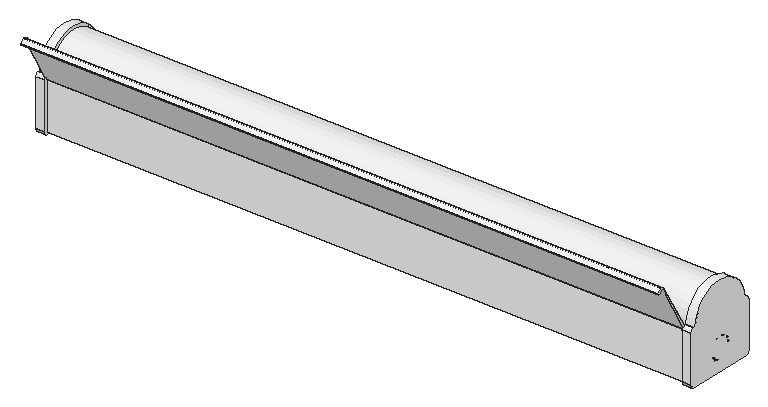
Revit family "0045182+0045232 Feilo Sylvania Lighting Fixture SYLBATTEN LED1 6000K TP3 with ASYMMETRIC REFLECTOR ACCESSORY 600MM", category Lighting Fixtures, host Face, Revit 2017
Family settings
  Host = Face
  Round Connector Dimension = Use Diameter
  Part Type = Normal
  OmniClass Number = 23.80.70.00
  OmniClass Title = Lighting
  Cut with Voids When Loaded = No
  Light Source = Yes
  Shared = No
  Room Calculation Point = No
Parameters (values of type "0045182 SYLBATTEN LED1 6000K TP3")
  Width_FEILO = 66 mm
  Weight = "1.292 kg"
  Wattage Comments = "n/a"
  Wattage = 11 W
  WarrantyStartDate [instance] = "n/a"
  WarrantyGuarantorParts = "n/a"
  WarrantyDurationUnit = "n/a"
  WarrantyDurationParts = "n/a"
  WarrantyDescription = "n/a"
  built-in parameter 1150110 = 1 (stored number, unit not read)
  Voltage = 230 V
  URL = "http://www.sylvania-lighting.com"
  TypeName = "SYLBATTEN LED1 6000K TP3"
  Type Image = <None>
  Type Comments = "n/a"
  built-in parameter 1114217 = 1 (stored number, unit not read)
  Tilt Angle = -90.00°
  built-in parameter 1150109 = 1 (stored number, unit not read)
  built-in parameter 1150134 = 5
  SymReflector_FEILO = no
  built-in parameter 1150113 = 1 (stored number, unit not read)
  SerialNumber [instance] = "n/a"
  PowerFactor = 0
  PowerConsumption = "11 W"
  Photometric Web File = "0045182+0045232.ies"
  NominalLength = 605 mm
  NominalHeight = 91 mm
  NominalDepth = 122 mm
  Name = "SYLBATTEN LED1 6000K TP3"
  ModelReference = Name  # "SYLBATTEN LED1 6000K TP3"
  ModelNumber = "0045182"
  Model = Name  # "SYLBATTEN LED1 6000K TP3"
  Material_4_FEILO = Reflector-Sylvania-Sylbatten-White
  Material_3_FEILO = Diffuser-Sylvania-Sylbatten-Glow
  Material_2_FEILO = Body-Sylvania-Sylbatten-White
  Material_1_FEILO = Body-Sylvania-Sylbatten-White
  Material = "sheet steel housing, polycarbonate diffuser"
  ManufacturerName = "Feilo Sylvania"
  Manufacturer = "Feilo Sylvania"
  LuminousEfficacy = "110 lm/W"
  built-in parameter 1150105 = 96.289 (stored number, unit not read)
  Lumens = 1210 lm
  LuminaireType = ""
  built-in parameter 1150115 = 1 (stored number, unit not read)
  LightOutputRatio = "100"
  built-in parameter 1150137 = (empty or 0)
  built-in parameter 1150139 = (empty or 0)
  Length_FEILO = 605 mm
  LampsType = Lamp  # "LED"
  LampNominalLuminous = "1210 lm"
  LampMacAdamStep = "n/a"
  LampColourTemperature = "6000 K"
  LampColourRenderingIndex = "80"
  built-in parameter 1150112 = 1 (stored number, unit not read)
  built-in parameter 1150114 = 1 (stored number, unit not read)
  Lamp = "LED"
  Keynote = "16500"
  InstallationDate [instance] = "n/a"
  InputVoltage = "220-240V~"
  InputNominalFrequency = "n/a"
  built-in parameter 1150132 = (empty or 0)
  built-in parameter 1150102 = (empty or 0)
  built-in parameter 1150107 = 6000 (stored number, unit not read)
  built-in parameter 1150138 = (empty or 0)
  IngressProtection = "IP20"
  ImpactProtectionIndex = "IK07"
  built-in parameter 1150106 = 0.96289 (stored number, unit not read)
  IfcExportType = "IfcLightFixtureType"
  IfcExportAs = "IfcLightFixtureType"
  Height_FEILO = 76 mm
  ExpectedLife = 50000
  Emit from Rectangle Width = Length_FEILO - 16 mm  # 589 mm
  Emit from Rectangle Length = Width_FEILO - 40 mm  # 26 mm
  Emit Shape Visible in Rendering = no
  ElectricShockClassification = "Class I"
  built-in parameter 1150104 = 10.219 (stored number, unit not read)
  DurationUnit = "hours"
  DocumentationLiterature = "http://www.sylvania-lighting.com/product/en-int/products/0045182"
  DimmingControlOptions = "n/a"
  Dimming Lamp Color Temperature Shift = <None>
  Description = "LED batten, T8 replacement, ease of installation through 2 part push-in design of the housing (safety cable included), through wiring capability (TP3 = 3 core), sheet steel, 1210LM, 11W, 110lm/W, 6000K, drive current: 350mA, CRI 80, 138° wide beam angle, electronic driver (non dimmable), IP20, IK07, 50,000 hrs (L70), (LxWxH) 605x66x76mm, 5 step MacAdam ellipse, 1.8kg, white RAL 9016, Class 1, 220-240V, energy class: A++, A+, A."
  Default Elevation = 1219.2 mm
  CreatedOn = "1/25/2018"
  CreatedBy = ""
  Cost = 0
  Color Filter = 16777215
  built-in parameter 1114216 [instance] = (empty or 0)
  ClassificationValue = "EF_70_80"
  ClassificationName = "Uniclass2015"
  CapOffset_FEILO = 2 mm
  BarCode [instance] = "n/a"
  built-in parameter 1114218 = 1 (stored number, unit not read)
  BackReflector_FEILO = and(not(AsymReflector_FEILO), SymReflector_FEILO)  # no
  built-in parameter 1150133 = 10 (stored number, unit not read)
  FrontReflector_FEILO = or(AsymReflector_FEILO, SymReflector_FEILO)  # yes
  AsymReflector_FEILO = yes
  AssetType = "Fixed"
  AssetIdentifier [instance] = "n/a"
  Assembly Code = "D5020200"
  Apparent Load = 11 VA
Reference planes
  plane 1 "Center (Front/Back)": y = 0
  plane 2: z = 0
  plane 3 "Center (Left/Right)": x = 0
  plane 4: x = 302.5
  plane 5: x = -302.5
  plane 6: y = 33
  plane 7: y = -33
  plane 8: z = 76
  plane 9: z = 47
  plane 10: y = -29
  plane 11: y = 29
  plane 12: z = 20
  plane 13: z = 74
  plane 14: y = -31
  plane 15: y = -27
  plane 16: y = 27
  plane 17: y = 31
  plane 18: z = 2
  plane 19: x = -294.5
  plane 20: x = 294.5
  plane 21: z = 49
  plane 22: y = 1
  plane 23: y = -1
  plane 24: z = 21
  plane 25: z = 19
  plane 26: y = -61
  plane 27: y = 61
  plane 28: y = -56
  plane 29: y = 56
  plane 30: z = 91
  plane 31: z = 88
Forms (mm)
  Extrusion 1, solid, material "Body-Sylvania-Sylbatten-White" <- "Material_2_FEILO"
    sketch origin (0, 0, 0) x (0, 1, 0) y (0, 0, 1)
      loop
        line (-31, 2) -> (31, 2) -> (31, 45)
        arc (31, 45) -> (30.414, 46.414) -> (29, 47) r 2
        line (29, 47) -> (27, 47)
        arc (27, 47) -> (0, 74) -> (-27, 47) r 27
        line (-27, 47) -> (-29, 47)
        arc (-29, 47) -> (-30.414, 46.414) -> (-31, 45) r 2
        line (-31, 45) -> (-31, 2)
    from -294.5 to 294.5
  Extrusion 2, solid, material "Body-Sylvania-Sylbatten-White" <- "Material_2_FEILO"
    sketch origin (302.5, 1524, 1219.2) x (0, 1, 0) y (0, 0, 1)
      loop
        arc (-1494, -1219.2) -> (-1491.879, -1218.321) -> (-1491, -1216.2) r 3
        line (-1491, -1216.2) -> (-1491, -1173.2)
        arc (-1491, -1173.2) -> (-1491.879, -1171.079) -> (-1494, -1170.2) r 3
        line (-1494, -1170.2) -> (-1495.069, -1170.2)
        arc (-1495.069, -1170.2) -> (-1524, -1143.2) -> (-1552.931, -1170.2) r 29
        line (-1552.931, -1170.2) -> (-1554, -1170.2)
        arc (-1554, -1170.2) -> (-1556.121, -1171.079) -> (-1557, -1173.2) r 3
        line (-1557, -1173.2) -> (-1557, -1216.2)
        arc (-1557, -1216.2) -> (-1556.121, -1218.321) -> (-1554, -1219.2) r 3
        line (-1554, -1219.2) -> (-1494, -1219.2)
      loop
        arc (-1525, -1189.25) -> (-1531.071, -1192.129) -> (-1533.95, -1198.2) r 10
        line (-1533.95, -1198.2) -> (-1532.944, -1198.2)
        arc (-1532.944, -1198.2) -> (-1530.364, -1192.836) -> (-1525, -1190.256) r 9
        line (-1525, -1190.256) -> (-1525, -1189.25)
      loop
        arc (-1523, -1190.256) -> (-1517.636, -1192.836) -> (-1515.056, -1198.2) r 9
        line (-1515.056, -1198.2) -> (-1514.05, -1198.2)
        arc (-1514.05, -1198.2) -> (-1516.929, -1192.129) -> (-1523, -1189.25) r 10
        line (-1523, -1189.25) -> (-1523, -1190.256)
      loop
        line (-1532.944, -1200.2) -> (-1533.95, -1200.2)
        arc (-1533.95, -1200.2) -> (-1531.071, -1206.271) -> (-1525, -1209.15) r 10
        line (-1525, -1209.15) -> (-1525, -1208.144)
        arc (-1525, -1208.144) -> (-1530.364, -1205.564) -> (-1532.944, -1200.2) r 9
      loop
        arc (-1515.056, -1200.2) -> (-1517.636, -1205.564) -> (-1523, -1208.144) r 9
        line (-1523, -1208.144) -> (-1523, -1209.15)
        arc (-1523, -1209.15) -> (-1516.929, -1206.271) -> (-1514.05, -1200.2) r 10
        line (-1514.05, -1200.2) -> (-1515.056, -1200.2)
    from 0 to -8
  Extrusion 3, solid, material "Body-Sylvania-Sylbatten-White" <- "Material_2_FEILO"
    sketch origin (-302.5, 1524, 1219.2) x (0, 1, 0) y (0, 0, 1)
      loop
        arc (-1495.069, -1170.2) -> (-1524, -1143.2) -> (-1552.931, -1170.2) r 29
        line (-1552.931, -1170.2) -> (-1554, -1170.2)
        arc (-1554, -1170.2) -> (-1556.121, -1171.079) -> (-1557, -1173.2) r 3
        line (-1557, -1173.2) -> (-1557, -1216.2)
        arc (-1557, -1216.2) -> (-1556.121, -1218.321) -> (-1554, -1219.2) r 3
        line (-1554, -1219.2) -> (-1494, -1219.2)
        arc (-1494, -1219.2) -> (-1491.879, -1218.321) -> (-1491, -1216.2) r 3
        line (-1491, -1216.2) -> (-1491, -1173.2)
        arc (-1491, -1173.2) -> (-1491.879, -1171.079) -> (-1494, -1170.2) r 3
        line (-1494, -1170.2) -> (-1495.069, -1170.2)
      loop
        line (-1533.95, -1198.2) -> (-1532.944, -1198.2)
        arc (-1532.944, -1198.2) -> (-1530.364, -1192.836) -> (-1525, -1190.256) r 9
        line (-1525, -1190.256) -> (-1525, -1189.25)
        arc (-1525, -1189.25) -> (-1531.071, -1192.129) -> (-1533.95, -1198.2) r 10
      loop
        line (-1523, -1189.25) -> (-1523, -1190.256)
        arc (-1523, -1190.256) -> (-1517.636, -1192.836) -> (-1515.056, -1198.2) r 9
        line (-1515.056, -1198.2) -> (-1514.05, -1198.2)
        arc (-1514.05, -1198.2) -> (-1516.929, -1192.129) -> (-1523, -1189.25) r 10
      loop
        line (-1514.05, -1200.2) -> (-1515.056, -1200.2)
        arc (-1515.056, -1200.2) -> (-1517.636, -1205.564) -> (-1523, -1208.144) r 9
        line (-1523, -1208.144) -> (-1523, -1209.15)
        arc (-1523, -1209.15) -> (-1516.929, -1206.271) -> (-1514.05, -1200.2) r 10
      loop
        line (-1525, -1209.15) -> (-1525, -1208.144)
        arc (-1525, -1208.144) -> (-1530.364, -1205.564) -> (-1532.944, -1200.2) r 9
        line (-1532.944, -1200.2) -> (-1533.95, -1200.2)
        arc (-1533.95, -1200.2) -> (-1531.071, -1206.271) -> (-1525, -1209.15) r 10
    from 0 to 8
  Extrusion 4, solid, material "Reflector-Sylvania-Sylbatten-White" <- "Material_4_FEILO", visible <- "FrontReflector_FEILO"
    sketch origin (0, 0, 0) x (0, 1, 0) y (0, 0, 1)
      loop
        line (-61.257, 88.429) -> (-60.743, 87.571) -> (-56.621, 90.044)
        arc (-56.621, 90.044) -> (-56.237, 90.099) -> (-55.929, 89.863) r 0.5
        line (-55.929, 89.863) -> (-31.435, 46.753) -> (-30.565, 47.247) -> (-55.312, 90.802)
        arc (-55.312, 90.802) -> (-55.928, 91.275) -> (-56.696, 91.165) r 1
        line (-56.696, 91.165) -> (-61.257, 88.429)
    from -294.5 to 294.5
  Extrusion 5, solid, material "Reflector-Sylvania-Sylbatten-White" <- "Material_4_FEILO", visible <- "BackReflector_FEILO"
    sketch origin (0, 0, 0) x (0, 1, 0) y (0, 0, 1)
      loop
        line (30.565, 47.247) -> (31.435, 46.753) -> (55.932, 89.868)
        arc (55.932, 89.868) -> (56.245, 90.112) -> (56.638, 90.062) r 0.518
        line (56.638, 90.062) -> (61.033, 87.565) -> (61.527, 88.435) -> (56.682, 91.188)
        arc (56.682, 91.188) -> (55.922, 91.282) -> (55.318, 90.812) r 1
        line (55.318, 90.812) -> (30.565, 47.247)
    from -294.5 to 294.5
Lines and regions (mm)
  reference lines
    curve 1: line (0, -61, 88) -> (0, -56, 91)
    curve 2: line (0, -56, 91) -> (0, -31, 47)
    curve 3: line (0, 31, 47) -> (0, 56, 91)
    curve 4: line (0, 56, 91) -> (0, 61.28, 88)
Dimensions and locks
  equal spacing: plane 5, plane 3 "Center (Left/Right)", plane 4
  equal spacing: plane 7, plane 1 "Center (Front/Back)", plane 6
  "Width_FEILO": plane 7 to plane 6
  "Length_FEILO": plane 5 to plane 4
  "Height_FEILO": plane 8 to plane 2
  locked: plane 9 to plane 8 at 29
  equal spacing: plane 10, plane 1 "Center (Front/Back)", plane 11
  locked: plane 7 to plane 10 at 4
  locked: plane 12 to plane 2 at 20
  "CapOffset_FEILO": plane 13 to plane 8
  "CapOffset_FEILO": plane 7 to plane 14
  "CapOffset_FEILO": plane 10 to plane 15
  "CapOffset_FEILO": plane 17 to plane 6
  "CapOffset_FEILO": plane 16 to plane 11
  "CapOffset_FEILO": plane 18 to plane 2
  locked: plane 14 to Extrusion 1 sketch curve at 2
  locked: Extrusion 1 sketch curve to plane 9 at 2  (x2)
  locked: plane 16 to Extrusion 1 sketch curve at 2
  equal spacing: plane 19, plane 3 "Center (Left/Right)", plane 20
  locked: plane 5 to plane 19 at 8
  "CapOffset_FEILO": plane 9 to plane 21
  locked: Extrusion 2 sketch curve to plane 2 at 47
  locked: Extrusion 1 sketch curve to plane 2 at 47
  locked: Extrusion 2 sketch curve to plane 2 at 3  (x2)
  locked: plane 7 to Extrusion 2 sketch curve at 3  (x2)
  locked: Extrusion 2 sketch curve to plane 6 at 3  (x2)
  locked: Extrusion 2 sketch curve to plane 21 at 3  (x2)
  equal spacing: plane 23, plane 1 "Center (Front/Back)", plane 22
  equal spacing: plane 25, plane 12, plane 24
  plane 30 to plane 31 to plane 2 = 3 mm locked, 88 mm locked
  plane 28 to plane 29 = 112 mm
  plane 26 to plane 27 = 122 mm
  aligned and locked: plane 2 to host face
  aligned and locked: level to host face
  aligned and locked: plane 18 to Extrusion 1 sketch curve
  aligned and locked: plane 14 to Extrusion 1 sketch curve
  aligned and locked: Extrusion 1 sketch curve to plane 9  (x2)
  aligned and locked: Extrusion 1 sketch curve to plane 17
  aligned and locked: plane 15 to Extrusion 1 sketch curve
  aligned and locked: plane 16 to Extrusion 1 sketch curve
  aligned and locked: plane 9 to Extrusion 1 sketch curve
  aligned and locked: plane 20 to Extrusion 1
  aligned and locked: level to Extrusion 2 sketch curve
  aligned and locked: Extrusion 2 sketch curve to plane 7
  aligned and locked: plane 21 to Extrusion 2 sketch curve
  aligned and locked: Extrusion 2 sketch curve to plane 21
  aligned and locked: plane 1 "Center (Front/Back)" to Extrusion 2 sketch curve  (x3)
  aligned and locked: Extrusion 2 to Extrusion 1
  aligned and locked: plane 4 to Extrusion 2
  aligned and locked: plane 12 to Extrusion 2 sketch curve  (x2)
  aligned and locked: Extrusion 2 sketch curve to plane 22
  aligned and locked: Extrusion 2 sketch curve to plane 23
  aligned and locked: Extrusion 2 sketch curve to plane 24
  aligned and locked: Extrusion 2 sketch curve to plane 25
  aligned and locked: plane 25 to Extrusion 2 sketch curve
  aligned and locked: plane 22 to Extrusion 2 sketch curve
  aligned and locked: plane 24 to Extrusion 2 sketch curve
  aligned and locked: plane 23 to Extrusion 2 sketch curve  (x2)
  aligned and locked: Extrusion 3 sketch curve to Extrusion 2  (x22)
  aligned and locked: Extrusion 3 to Extrusion 1
  aligned and locked: Extrusion 3 to plane 5
  aligned and locked: plane 19 to Extrusion 3
  aligned and locked: plane 31 to curve 1
  aligned and locked: plane 30 to curve 1
  aligned and locked: plane 14 to curve 2
  aligned and locked: plane 9 to curve 2
  aligned and locked: plane 17 to curve 3
  aligned and locked: plane 30 to curve 3
  aligned and locked: plane 31 to curve 4
  aligned and locked: Extrusion 4 sketch curve to curve 2
  aligned and locked: Extrusion 4 sketch curve to curve 1
  aligned and locked: Extrusion 4 to Extrusion 1
  aligned and locked: Extrusion 1 to Extrusion 4
  aligned and locked: imposter light to plane 1 "Center (Front/Back)"
  aligned and locked: imposter light to plane 3 "Center (Left/Right)"
  aligned and locked: imposter light to plane 13
  aligned and locked: Extrusion 5 sketch curve to curve 4
  aligned and locked: Extrusion 5 sketch curve to curve 3
  aligned and locked: Extrusion 1 to Extrusion 5
  aligned and locked: Extrusion 5 to Extrusion 1
Automatic sketch dimensions
  host sketch curve to host sketch curve = 2438.4 mm  (x2)
  Extrusion 2 sketch curve to Extrusion 2 sketch curve = 0 mm  (x14)
  Extrusion 2 sketch curve to plane 10 = 0.069 mm
  plane 23 to Extrusion 2 sketch curve = 8.95 mm
  Extrusion 2 sketch curve to Extrusion 2 sketch curve = 1.006 mm  (x4)
  Extrusion 2 sketch curve to plane 22 = 7.944 mm
  curve 1 to plane 26 = 0 mm
  curve 2 to plane 28 = 0 mm
  curve 4 to plane 29 = 0 mm
  plane 9 to curve 3 = 0 mm
  plane 26 to Extrusion 4 sketch curve = 0.257 mm
  Extrusion 4 sketch curve to plane 26 = 0.257 mm
  Extrusion 4 sketch curve to plane 30 = 0.165 mm
  plane 28 to Extrusion 4 sketch curve = 0.696 mm
  plane 28 to Extrusion 4 sketch curve = 0.621 mm
  plane 28 to Extrusion 4 sketch curve = 0.364 mm
  plane 28 to Extrusion 4 sketch curve = 0.182 mm
  Extrusion 4 sketch curve to plane 28 = 0.071 mm
  plane 30 to Extrusion 4 sketch curve = 0.198 mm
  Extrusion 4 sketch curve to plane 28 = 0.688 mm
  plane 9 to Extrusion 4 sketch curve = 0.247 mm
  plane 1 "Center (Front/Back)" to Extrusion 4 sketch curve = 31.435 mm
  Extrusion 5 sketch curve to plane 9 = 0.247 mm
  Extrusion 5 sketch curve to plane 1 "Center (Front/Back)" = 30.565 mm
  plane 9 to Extrusion 5 sketch curve = 0.247 mm
  plane 30 to Extrusion 5 sketch curve = 0.188 mm
  plane 29 to Extrusion 5 sketch curve = 0.068 mm
  Extrusion 5 sketch curve to plane 29 = 0.188 mm
  Extrusion 5 sketch curve to plane 29 = 0.382 mm
  Extrusion 5 sketch curve to Extrusion 5 sketch curve = 0.256 mm
  Extrusion 5 sketch curve to plane 30 = 0.188 mm
  Extrusion 5 sketch curve to plane 29 = 0.682 mm
  Extrusion 5 sketch curve to plane 27 = 0.033 mm
  Extrusion 5 sketch curve to plane 27 = 0.527 mm
Connectors
  electrical at (0, 0, 0), driven by "Apparent Load", driven by "PowerFactor", driven by "Voltage"
    settings: index 1, voltage 230 V, apparent load 11 VA, apparent load phase1 0 VA, apparent load phase2 0 VA, apparent load phase3 0 VA, power factor 0, load classification "Lighting", number of poles 1, system type 30, power factor state 1, is connector primary yes, connector utility no, sub classification motor no, connector description ""
